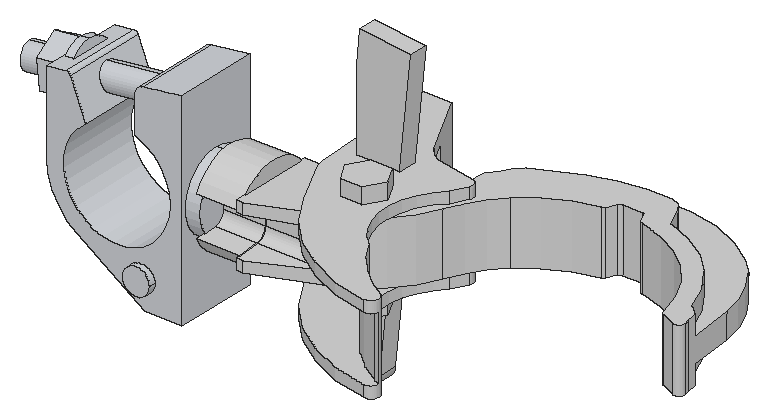
Revit family "EHL_FIX BRACING HOOK_2220075", category Generic Models, Revit 2018
Family settings
  Can host rebar = No
  Round Connector Dimension = Use Diameter
  Part Type = Normal
  OmniClass Number = 35.51.14.00
  OmniClass Title = FORMWORK
  Work Plane-Based = Yes
  Always vertical = No
  Cut with Voids When Loaded = No
  Shared = Yes
  Room Calculation Point = No
Parameters
  VERSION = "20170217"  # constant formula
  URL = "www.ulmaconstruction.com/en"
  UNICLASS = ""
  Manufacturer = "ULMA CONSTRUCTION"  # constant formula
  ITEM_CODE = "2220075"
  FILTER [instance] = ""
  Default Elevation = 0.000 mm
  CLASSIFICATION_TITLE = ""
  CLASSIFICATION_NUMBER = ""
Reference planes
  plane 1 "Centro (Frontal/Posterior)": y = 0
  plane 2: z = 0
  plane 3 "Centro (Izquierda/Derecha)": x = 0
Forms (mm)
  Extrusion 1, solid, material "ULMA ZINC", detail levels fine
    sketch origin (0, 0, 0) x (-1, 0, 0) y (0, -1, 0)
      loop
        arc (-9.415, -54.949) -> (-39.125, -39.715) -> (-54.802, -10.236) r 55.75
        arc (-54.802, -10.236) -> (-55.276, -9.18) -> (-56.181, -8.458) r 2.46
        line (-56.181, -8.458) -> (-62.543, -5.491)
        arc (-62.543, -5.491) -> (-65.221, -5.854) -> (-66.004, -8.441) r 2.5
        line (-66.004, -8.441) -> (-65.503, -10.204) -> (-62.722, -35.861)
        arc (-62.722, -35.861) -> (-56.857, -54.21) -> (-44.498, -68.985) r 50.058
        arc (-44.498, -68.985) -> (-27.276, -79.37) -> (-7.835, -84.52) r 71.127
        line (-7.835, -84.52) -> (9.041, -84.52)
        arc (9.041, -84.52) -> (15.444, -83.458) -> (21.727, -81.83) r 72.924
        arc (21.727, -81.83) -> (38.94, -72.801) -> (51.518, -57.981) r 50.939
        arc (51.518, -57.981) -> (54.926, -53.297) -> (59.315, -49.519) r 25
        arc (59.315, -49.519) -> (69.169, -42.343) -> (78.5, -34.5) r 175.396
        line (78.5, -34.5) -> (79.668, -21.151)
        arc (79.668, -21.151) -> (80.95, -18.551) -> (83.653, -17.5) r 4
        line (83.653, -17.5) -> (112.779, -17.5) -> (112.779, 21) -> (110, 21) -> (80.183, 8.953)
        arc (80.183, 8.953) -> (63.164, -2.449) -> (52.146, -19.72) r 50
        arc (52.146, -19.72) -> (46.491, -30.767) -> (38.533, -40.29) r 55.75
        arc (38.533, -40.29) -> (25.075, -49.793) -> (9.427, -54.947) r 55.75
        arc (9.427, -54.947) -> (8.551, -55.329) -> (7.953, -56.073) r 2
        line (7.953, -56.073) -> (6.194, -59.845)
        arc (6.194, -59.845) -> (5.456, -60.687) -> (4.381, -61) r 2
        line (4.381, -61) -> (-4.381, -61)
        arc (-4.381, -61) -> (-5.456, -60.687) -> (-6.194, -59.845) r 2
        line (-6.194, -59.845) -> (-7.952, -56.075)
        spline (-7.952, -56.075) -> (-8.025, -55.934) -> (-8.109, -55.798) -> (-8.204, -55.67) -> (-8.309, -55.55) -> (-8.423, -55.439) -> (-8.546, -55.337) -> (-8.677, -55.246) -> (-8.814, -55.165) -> (-8.958, -55.096) -> (-9.107, -55.038) -> (-9.26, -54.992) -> (-9.415, -54.949)
      loop
        circle (75, -5) r 5.25
    from -14.2 to 14.2
  Extrusion 2, solid, material "ULMA ZINC", detail levels fine
    sketch origin (0, 0, 0) x (0, 1, 0) y (0, 0, -1)
      loop
        circle (0, 0) r 21.25
    from 112.779 to 131.962
  Extrusion 3, void
    sketch origin (0, 0, 0) x (-1, 0, 0) y (0, -1, 0)
      loop
        arc (-17.172, -61.068) -> (-43.879, -45.835) -> (-60.07, -19.699) r 62.406
        line (-60.07, -19.699) -> (-66.013, -14.348) -> (-66.013, -86.27) -> (80.89, -86.27) -> (80.89, -20.894)
        arc (80.89, -20.894) -> (73.161, -21.045) -> (65.431, -21.139) r 1055.933
        arc (65.431, -21.139) -> (61.807, -25.128) -> (58.331, -29.248) r 147.622
        line (58.331, -29.248) -> (56.547, -48.914)
        arc (56.547, -48.914) -> (54.986, -51.483) -> (53.221, -53.917) r 36.931
        line (53.221, -53.917) -> (50.918, -56.844) -> (47.592, -60.536)
        arc (47.592, -60.536) -> (37.876, -65.558) -> (27.858, -69.948) r 170.736
        arc (27.858, -69.948) -> (11.017, -74.507) -> (-6.42, -75.069) r 75.203
        arc (-6.42, -75.069) -> (-10.277, -73.661) -> (-12.897, -70.501) r 7.858
        arc (-12.897, -70.501) -> (-15.044, -65.777) -> (-17.172, -61.068) r 2222.639
    from 5.6 to 14.2
  Extrusion 4, void
    sketch origin (0, 0, -35) x (-1, 0, 0) y (0, -1, 0)
      loop
        arc (-17.172, -61.068) -> (-43.879, -45.835) -> (-60.07, -19.699) r 62.406
        line (-60.07, -19.699) -> (-66.013, -14.348) -> (-66.013, -86.27) -> (80.89, -86.27) -> (80.89, -20.894)
        arc (80.89, -20.894) -> (73.161, -21.045) -> (65.431, -21.139) r 1055.933
        arc (65.431, -21.139) -> (61.807, -25.128) -> (58.331, -29.248) r 147.622
        line (58.331, -29.248) -> (56.547, -48.914)
        arc (56.547, -48.914) -> (54.986, -51.483) -> (53.221, -53.917) r 36.931
        line (53.221, -53.917) -> (50.918, -56.844) -> (47.592, -60.536)
        arc (47.592, -60.536) -> (37.876, -65.558) -> (27.858, -69.948) r 170.736
        arc (27.858, -69.948) -> (11.017, -74.507) -> (-6.42, -75.069) r 75.203
        arc (-6.42, -75.069) -> (-10.277, -73.661) -> (-12.897, -70.501) r 7.858
        arc (-12.897, -70.501) -> (-15.044, -65.777) -> (-17.172, -61.068) r 2222.639
    from 20.8 to 29.4
  Extrusion 5, solid, material "ULMA ZINC", detail levels fine
    sketch origin (0, 0, 0) x (-1, 0, 0) y (0, -1, 0)
      loop
        arc (88.479, 13.391) -> (63.063, 42.619) -> (26.896, 56.482) r 80
        arc (26.896, 56.482) -> (23.121, 54.016) -> (24.908, 49.876) r 3.5
        arc (24.908, 49.876) -> (39.309, 39.533) -> (49.734, 25.19) r 55.75
        arc (49.734, 25.19) -> (61.962, 1.553) -> (52.083, -23.159) r 32
        arc (52.083, -23.159) -> (50.416, -26.594) -> (48.522, -29.91) r 57
        arc (48.522, -29.91) -> (48.319, -32.667) -> (50.457, -34.42) r 3
        line (50.457, -34.42) -> (68.517, -38.23)
        arc (68.517, -38.23) -> (72.482, -40.036) -> (75.302, -43.357) r 10
        line (75.302, -43.357) -> (90.904, -73) -> (103.699, -73) -> (100.509, -12.123)
        arc (100.509, -12.123) -> (100.181, -10.058) -> (99.432, -8.106) r 10
        line (99.432, -8.106) -> (88.479, 13.391)
    from -19.75 to 19.75
  Extrusion 6, solid, material "ULMA ZINC", detail levels fine
    sketch origin (0, 0, 0) x (-1, 0, 0) y (0, 0, 1)
      loop
        line (69.566, 68.569) -> (83.484, -66.214)
        arc (83.484, -66.214) -> (85.85, -70.589) -> (90.616, -72.011) r 6.499
        line (90.616, -72.011) -> (97.081, -71.344) -> (93.997, -41.477) -> (93.997, 55.885) -> (92.444, 70.931) -> (69.566, 68.569)
    from 23.25 to 31.75
  Extrusion 7, solid, material "ULMA ZINC", detail levels fine
    sketch origin (0, 0, 0) x (-1, 0, 0) y (0, -1, 0)
      loop
        line (70.093, 3.5) -> (65.185, -5) -> (70.093, -13.5) -> (79.907, -13.5) -> (84.815, -5) -> (79.907, 3.5) -> (70.093, 3.5)
    from 19.75 to 26.75
  Extrusion 8, solid, material "ULMA ZINC", detail levels fine
    sketch origin (0, 0, -46.5) x (-1, 0, 0) y (0, -1, 0)
      loop
        line (70.093, 3.5) -> (65.185, -5) -> (70.093, -13.5) -> (79.907, -13.5) -> (84.815, -5) -> (79.907, 3.5) -> (70.093, 3.5)
    from 19.75 to 26.75
  Extrusion 9, void
    sketch origin (0, 0, 0) x (-1, 0, 0) y (0, -1, 0)
      loop
        arc (53.518, 21.701) -> (61.984, -1.023) -> (52.083, -23.159) r 32
        arc (52.083, -23.159) -> (50.416, -26.594) -> (48.522, -29.91) r 57
        arc (48.522, -29.91) -> (48.319, -32.667) -> (50.457, -34.42) r 3
        line (50.457, -34.42) -> (68.517, -38.23)
        arc (68.517, -38.23) -> (72.482, -40.036) -> (75.302, -43.357) r 10
        line (75.302, -43.357) -> (81.718, -55.548) -> (94, -55.548) -> (94, -23) -> (101.079, -23) -> (100.509, -12.123)
        arc (100.509, -12.123) -> (100.181, -10.058) -> (99.432, -8.106) r 10
        line (99.432, -8.106) -> (88.479, 13.391)
        arc (88.479, 13.391) -> (63.063, 42.619) -> (26.896, 56.482) r 80
        arc (26.896, 56.482) -> (24.143, 55.62) -> (22.972, 52.984) r 3.5
        arc (22.972, 52.984) -> (24.396, 52.344) -> (25.802, 51.665) r 57.75
        arc (25.802, 51.665) -> (42.395, 39.213) -> (53.518, 21.701) r 57.75
    from -14.75 to 14.75
  Extrusion 10, void
    sketch origin (0, 0, 0) x (0, 1, 0) y (0, 0, -1)
      loop
        arc (-9.288, -8.299) -> (-6.038, -6.696) -> (-4.724, -3.318) r 5
        line (-4.724, -3.318) -> (-4.724, 3.318)
        arc (-4.724, 3.318) -> (-6.038, 6.696) -> (-9.288, 8.299) r 5
        line (-9.288, 8.299) -> (-24, 9.586) -> (-24, -9.586) -> (-9.288, -8.299)
    from 69.04 to 137.016
  Extrusion 11, solid, material "ULMA ZINC", detail levels coarse+medium
    sketch origin (0, 0, 0) x (1, 0, 0) y (0, 1, 0)
      loop
        line (-131.962, 85) -> (-131.962, -85) -> (68.038, -85) -> (68.038, 85) -> (-131.962, 85)
    from -14.2 to 14.2
Cuts and joins
  Extrusion 3, Extrusion 4, Extrusion 10 cuts Extrusion 1
  Extrusion 9 cuts Extrusion 5
  Extrusion 10 cuts Extrusion 2
Dimensions and locks
  aligned and locked: level to plane 2
Nested families
  nested 1: "SEMIABRAZADERA D48 - 2125442_BRACING" at (-131.962, 0, 0) x (1, 0, 0) z (0, -1, 0), type "SEMIABRAZADERA D48 - 2125442_BRACING"
Definition of nested family "SEMIABRAZADERA D48 - 2125442_BRACING"
  Parameters (values of type "SEMIABRAZADERA D48 - 2125442_BRACING")
    VERSION = "20170217"  # constant formula
    Model = ""
    Manufacturer = "ULMA CONSTRUCTION"  # constant formula
    Default Elevation = 0.000 mm
  Reference planes
    plane 1 "Centro (Frontal/Posterior)": y = 0
    plane 2: z = 0
    plane 3 "Centro (Izquierda/Derecha)": x = 0
    plane 4 "Plano Tornillo": through (-60.806, 41.119, 1200) normal (0.9925, 0.1219, 0)
    plane 5: x = -36.3
  Forms (mm)
    Extrusion 1, solid, detail levels fine
      sketch origin (4230.9, -541.261, 182) x (0, -1, 0) y (1, 0, 0)
        loop
          line (-587.61, -4237.9) -> (-585.223, -4254.883)
          arc (-585.223, -4254.883) -> (-583.552, -4257.961) -> (-580.272, -4259.187) r 5
          line (-580.272, -4259.187) -> (-564.043, -4259.187)
          arc (-564.043, -4259.187) -> (-517.353, -4263.79) -> (-560.895, -4281.262) r 24.15
          line (-560.895, -4281.262) -> (-577.903, -4288.134)
          arc (-577.903, -4288.134) -> (-578.877, -4288.973) -> (-579.139, -4290.232) r 2
          line (-579.139, -4290.232) -> (-578.099, -4298.704) -> (-541.261, -4298.704)
          arc (-541.261, -4298.704) -> (-526.385, -4295.208) -> (-514.987, -4285.029) r 31
          line (-514.987, -4285.029) -> (-494.547, -4254.687) -> (-494.547, -4237.9) -> (-587.61, -4237.9)
      from -201 to -163
    Extrusion 2, solid, detail levels fine
      sketch origin (4239.482, -541.261, 182) x (0, -1, 0) y (1, 0, 0)
        loop
          circle (-507.261, -4264.782) r 6
      from -163 to -160
    Extrusion 3, solid, detail levels fine
      sketch origin (4239.482, -541.261, 141) x (0, -1, 0) y (1, 0, 0)
        loop
          circle (-507.261, -4264.782) r 6
      from -163 to -160
    Extrusion 4, solid, detail levels fine
      sketch origin (-55.331, -3.476, 0) x (-0.121869, 0.992546, 0) y (0, 0, 1)
        loop
          line (26.082, 11) -> (19.732, 0) -> (26.082, -11) -> (38.784, -11) -> (45.135, 0) -> (38.784, 11) -> (26.082, 11)
      from -18.924 to -6.924
    Extrusion 5, solid, detail levels fine
      sketch origin (-55.211, -4.455, 0) x (-0.121869, 0.992546, 0) y (0, 0, 1)
        loop
          circle (33.42, 0) r 13
      from -6.924 to -2.924
    Extrusion 6, solid, detail levels fine
      sketch origin (-55.191, -4.614, 0) x (-0.121869, 0.992546, 0) y (0, 0, 1)
        loop
          circle (33.579, 0) r 6
      from -31.18 to 45.825
    Extrusion 7, solid, detail levels fine
      sketch origin (0, 0, 0) x (0, 1, 0) y (0, 0, 1)
        loop
          circle (0, 0) r 17.5
      from -7 to 0
    Revolve 8, solid, detail levels coarse+medium
      sketch origin (0, 0, 0) x (1, 0, 0) y (0, 1, 0)
        loop
          arc (-36.3, -36.3) -> (0, 0) -> (-36.3, 36.3) r 36.3
          line (-36.3, 36.3) -> (-36.3, -36.3)
        axis (-36.3, 36.3) -> (-36.3, -36.3)
      angle from 0 to 360
  Lines and regions (mm)
    model lines, detail levels medium
      curve 1: circle (-36.3, 0, 0) r 27.5 normal (0, 0, 1)
    reference lines
      curve 2: line (-13.8, 34.3, 0) -> (-59.283, 28.715, 0)
  Dimensions and locks
    locked: plane 5 to plane 3 "Centro (Izquierda/Derecha)" at 36.3
    aligned and locked: Extrusion 7 to Extrusion 1
    aligned and locked: plane 3 "Centro (Izquierda/Derecha)" to Extrusion 7
    aligned and locked: Extrusion 4 to Extrusion 5
